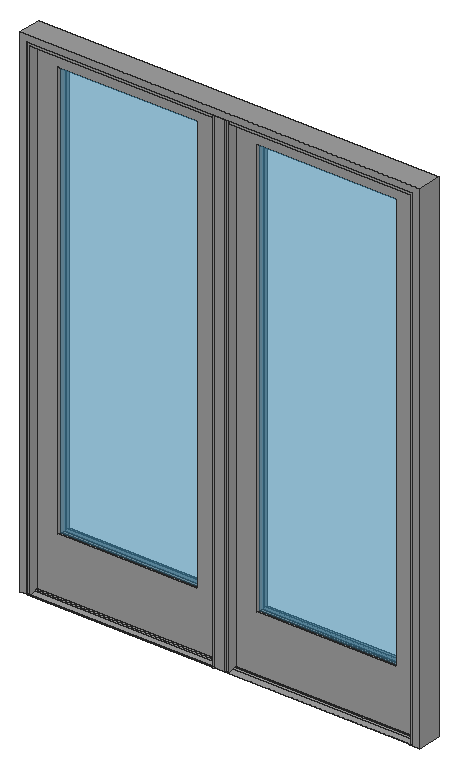
Revit family "AD-375 DOOR-Double-1.56-2 CJB-CW_v04", category Curtain Panels, Revit 2015
Parameters
  Width [instance] = 6' - 2"
  URL = "obe.com"
  Rough Width [instance] = 6' - 2"
  Panel Width [instance] = Min Panel Width  # 6' - 2"
  Panel Offset [instance] = 0' - 0"
  Offset [instance] = 0' - 0"
  Model = "AD-375 DOOR"
  Min Rough Width [instance] = if(Rough Width > 6' 4 1/2", Rough Width, 6' 4 1/2")  # 6' - 4 1/2"
  Min Panel Width [instance] = if(Rough Width > 6' 4 1/2", Rough Width - 0' 2 1/2", 6' 2")  # 6' - 2"
  Manufacturer = "Oldcastle BuildingEnvelope®"
  Keynote = "08 11 00"
  Hinge [instance] = yes
  Height [instance] = 8' - 0"
  Glass Material = Glass
  Frame Material = Aluminum
  Door Panel Height [instance] = Height - 0' 0 85/128"  # 7' - 11 43/128"
  Description = "AD-375 - 1 9/16\" Door Infill"
  Assembly Code = "B2030"
  Analytic Construction = "<None>"
  6 Bottom Rail [instance] = no
  10 Bottom Rail [instance] = not([6 Bottom Rail])  # yes
Reference planes (in)
  plane 1 "Front": y = 0
  plane 2: z = 0
  plane 3 "Center (Left/Right)": x = 0
  plane 4 "Left": x = -37
  plane 5 "Right": x = 37
  plane 6 "Top": z = 96
  plane 7 "Offset": y = 0
  plane 8: x = -38.25
  plane 9: x = 38.25
Forms (in)
  Sweep 1, solid, material "Aluminum" <- "Frame Material"
    path origin (0, 0, 0) x (-1, 0, 0) y (0, 0, 1)
      loop
        line (-38.25, 96) -> (-38.25, 0)
    profile origin (38.25, 0, 48) x (0, 1, 0) y (-1, 0, 0)
      loop
        line (0, 0) -> (0, 1.25) -> (-2.7624, 1.25) -> (-2.7624, 1.812) -> (-4.3574, 1.812) -> (-4.3574, 1.25) -> (-4.50055, 1.25) -> (-4.50055, 0) -> (0, 0)
  Sweep 2, solid, material "Aluminum" <- "Frame Material"
    path origin (0, 0, 0) x (-1, 0, 0) y (0, 0, 1)
      loop
        line (38.25, 96) -> (38.25, 0)
    profile origin (-38.25, 0, 48) x (0, 1, 0) y (-1, 0, 0)
      loop
        line (0, 0) -> (-4.50055, 0) -> (-4.50055, -1.25) -> (-4.3574, -1.25) -> (-4.3574, -1.812) -> (-2.7624, -1.812) -> (-2.7624, -1.25) -> (0, -1.25) -> (0, 0)
  Sweep 3, solid, material "Aluminum" <- "Frame Material"
    path origin (0, 0, 0) x (-1, 0, 0) y (0, 0, 1)
      loop
        line (38.25, 96) -> (-38.25, 96)
    profile origin (0, 0, 96) x (0, 0, -1) y (0, 1, 0)
      loop
        line (1.25, 0) -> (0, 0) -> (0, -4.50055) -> (1.25, -4.50055) -> (1.25, -4.3574) -> (1.812, -4.3574) -> (1.812, -2.7624) -> (1.25, -2.7624) -> (1.25, 0)
Cuts and joins
  joined: Sweep 1, Sweep 2, Sweep 3
Text (in)
  text "Exterior" at (-54.29358, 31.38743, 0), in view "Ref. Level"
  text "Exterior" at (480, 41.53993, 89.60405), in view "Right"
  text "Exterior" at (-240, 57.82419, 105.78864), in view "Left"
Dimensions and locks (in)
  equal spacing: plane 4 "Left", plane 3 "Center (Left/Right)", plane 5 "Right"
  "Width": plane 4 "Left" to plane 5 "Right"
  "Height": plane 6 "Top" to plane 2
  "Offset": plane 7 "Offset" to plane 1 "Front"
  locked: plane 7 "Offset" to nested 2 at 1.4437
  locked: plane 9 to nested 2 at 1.25
  locked: plane 7 "Offset" to nested 3 at 1.4437
  locked: nested 3 to plane 8 at 1.25
  locked: nested 4 to plane 6 "Top" at 1.25
  locked: plane 7 "Offset" to nested 4 at 1.4437
  equal spacing: plane 8, plane 3 "Center (Left/Right)", plane 9
  "Min Rough Width": plane 8 to plane 9
  aligned and locked: level to plane 2
  aligned and locked: plane 3 "Center (Left/Right)" to nested 1
  aligned and locked: nested 1 to plane 7 "Offset"
  aligned and locked: plane 2 to Sweep 1 sketch curve
  aligned and locked: plane 6 "Top" to Sweep 1 sketch curve
  aligned and locked: plane 2 to Sweep 2 sketch curve
  aligned and locked: plane 6 "Top" to Sweep 2 sketch curve
  aligned and locked: plane 6 "Top" to Sweep 3 sketch curve
  aligned and locked: plane 8 to Sweep 2 sketch curve
  aligned and locked: Sweep 1 sketch curve to plane 9
  aligned and locked: plane 9 to Sweep 3 sketch curve
  aligned and locked: plane 8 to Sweep 3 sketch curve
Automatic sketch dimensions
  Sweep 2 sketch curve to Sweep 2 sketch curve = 0' - 0.14315"
  Sweep 2 sketch curve to Sweep 2 sketch curve = 0' - 1.595"
  profile plane to Sweep 2 sketch curve = 0' - 1 1/4"  (x2)
  Sweep 2 sketch curve to Sweep 2 sketch curve = 0' - 2.7624"
  Sweep 2 sketch curve to Sweep 2 sketch curve = 0' - 0.562"
  Sweep 2 sketch curve to plane 7 "Offset" = 0' - 0"
  Sweep 2 sketch curve to profile plane = 0' - 0"
  Sweep 1 sketch curve to profile plane = 0' - 1.812"
  profile plane to Sweep 1 sketch curve = 0' - 0"
  Sweep 1 sketch curve to plane 7 "Offset" = 0' - 4.50055"
  Sweep 1 sketch curve to Sweep 1 sketch curve = 0' - 0.14315"
  Sweep 1 sketch curve to Sweep 1 sketch curve = 0' - 1.595"
  Sweep 1 sketch curve to profile plane = 0' - 1 1/4"  (x2)
  Sweep 1 sketch curve to Sweep 1 sketch curve = 0' - 2.7624"
  Sweep 3 sketch curve to profile plane = 0' - 1.812"
  Sweep 3 sketch curve to profile plane = 0' - 1 1/4"  (x2)
  Sweep 3 sketch curve to Sweep 3 sketch curve = 0' - 1 1/4"
  Sweep 3 sketch curve to plane 7 "Offset" = 0' - 4.50055"
  Sweep 3 sketch curve to Sweep 3 sketch curve = 0' - 0.14315"
  Sweep 3 sketch curve to Sweep 3 sketch curve = 0' - 1.595"
  Sweep 3 sketch curve to Sweep 3 sketch curve = 0' - 2.7624"
Nested families (in)
  nested 1: "AD-375 DOOR-Double-1.56-Panel_v03" at (0, -17.1457, 0), Frame Material <- "Frame Material", Glass Material <- "Glass Material", Hinge <- "Hinge", 6 Bottom Rail <- "6 Bottom Rail", Height <- "Door Panel Height", Width <- "Min Panel Width", Offset <- "Panel Offset", type "AD-375 DOOR-Double-1.56-Panel_v03"
    with Wing Width 3' - 1", built-in parameter 1001301 6' - 2", Offset 0' - 0", Hinge yes, built-in parameter 1001300 7' - 11 43/128", Glass Material Glass, Frame Material Aluminum, Bottom Rail 0' - 10 19/32", 6 Bottom Rail no, 10 Bottom Rail yes
  nested 2: "EDGE FRAME L" at (39.5, -1.4437, 0) x (-1, 0, 0) z (0, 0, 1), type "EDGE FRAME L"
  nested 3: "EDGE FRAME R" at (-39.5, -1.4437, 0) x (-1, 0, 0) z (0, 0, 1), type "EDGE FRAME R"
  nested 4: "TOP FRAME" at (0, -1.4437, 97.25) x (0, -1, 0) z (1, 0, 0), type "TOP FRAME"
Definition of nested family "AD-375 DOOR-Double-1.56-Panel_v03"
  Parameters (values of type "AD-375 DOOR-Double-1.56-Panel_v03")
    Wing Width [instance] = Width / 2  # 3' - 0"
    Width [instance] = 6' - 0"
    Offset [instance] = 0' - 10.702"
    Hinge [instance] = yes
    Height [instance] = 8' - 0"
    Glass Material [instance] = none
    Frame Material [instance] = none
    Bottom Rail [instance] = if([10 Bottom Rail], 0' 10 19/32", 0' 6 19/32")  # 0' - 6 19/32"
    6 Bottom Rail [instance] = yes
    10 Bottom Rail [instance] = not([6 Bottom Rail])  # no
  Reference planes (in)
    plane 1 "00": y = 5
    plane 2: z = 0
    plane 3 "Center (Left/Right)": x = 0
    plane 4: z = 96
    plane 5: x = -36
    plane 6: x = 36
    plane 7 "Center (Front/Back)": y = 17.1457
    plane 8 "Exterior": y = 5.7815
    plane 9: z = 48
    plane 10: z = 6.59375
    plane 11: z = 92.46875
    plane 12: z = 0
    plane 13: x = -31.84147
    plane 14: x = 31.82129
    plane 15 "Offset": y = 6.4437
  Forms (in)
    Sweep 1, solid, material <- "Frame Material"
      path origin (0, 5, 0) x (1, 0, 0) y (0, 0, 1)
        loop
          line (-33.19523, 96) -> (-1, 96)
      profile origin (-17.09761, 5, 96) x (0, 0, 1) y (0, -1, 0)
        loop
          line (-0.71875, -1.2884) -> (-0.71875, 1.3187) -> (-3.96875, 1.3187) -> (-3.96875, 0.78148) -> (-3.53125, 0.78148) -> (-3.53125, -0.7815) -> (-3.96875, -0.7815) -> (-3.96875, -1.2884) -> (-0.71875, -1.2884)
    Sweep 2, solid, material <- "Frame Material"
      path origin (0, 5, 0) x (1, 0, 0) y (0, 0, 1)
        loop
          line (-1.562, 0) -> (-35.70353, 0)
      profile origin (-18.63276, 5, 0) x (0, 0, -1) y (0, -1, 0)
        loop
          line (-2.62093, -1.2884) -> (-0.375, -1.2884) -> (-0.375, 1.3187) -> (-2.62093, 1.3187) -> (-7.125, 1.3187) -> (-7.125, 0.7815) -> (-6.59375, 0.7815) -> (-6.59375, -0.7815) -> (-7.125, -0.7815) -> (-7.125, -1.2884) -> (-2.62093, -1.2884)
    Sweep 3, solid, material <- "Frame Material"
      path origin (0, 5, 0) x (1, 0, 0) y (0, 0, 1)
        loop
          line (36, 95.28125) -> (36, 0.375)
      profile origin (36, 5, 47.82812) x (0, -1, 0) y (1, 0, 0)
        loop
          line (-1.2884, -0.43321) -> (-1.2884, -4.61621) -> (-0.7815, -4.61621) -> (-0.7815, -4.17871) -> (0.78148, -4.17871) -> (0.78148, -4.61621) -> (1.3187, -4.61621) -> (1.3187, -0.32321) -> (-1.35373, -0.32321) -> (-1.35373, -0.43321) -> (-1.2884, -0.43321)
    Sweep 4, solid, material <- "Frame Material"
      path origin (0, 5, 0) x (1, 0, 0) y (0, 0, 1)
        loop
          line (-36, 95.28125) -> (-36, 0.375)
      profile origin (-36, 5, 47.82812) x (0, -1, 0) y (1, 0, 0)
        loop
          line (-1.2884, 4.59603) -> (-1.2884, 0.40647) -> (-1.35373, 0.40647) -> (-1.35373, 0.29647) -> (1.3187, 0.29647) -> (1.3187, 4.59603) -> (0.78148, 4.59603) -> (0.78148, 4.15853) -> (-0.7815, 4.15853) -> (-0.7815, 4.59603) -> (-1.2884, 4.59603)
    Sweep 5, solid, material <- "Frame Material"
      path origin (0, 5, 0) x (1, 0, 0) y (0, 0, 1)
        loop
          line (0, 95.28125) -> (0, 0.375)
      profile origin (0, 5, 47.82812) x (0, -1, 0) y (1, 0, 0)
        loop
          line (-1.2884, -5.59715) -> (-0.78152, -5.59715) -> (-0.78152, -5.15641) -> (0.78148, -5.15641) -> (0.78148, -5.59715) -> (1.31797, -5.59715) -> (1.31797, -1) -> (-1.2884, -1) -> (-1.2884, -5.59715)
        loop
          line (1.3187, 5.59391) -> (0.7815, 5.59391) -> (0.7815, 5.15641) -> (-0.7815, 5.15641) -> (-0.7815, 5.59391) -> (-1.2884, 5.59391) -> (-1.2884, 1) -> (1.3187, 1) -> (1.3187, 5.59391)
    Sweep 6, solid, material <- "Frame Material"
      path origin (0, 5, 0) x (1, 0, 0) y (0, 0, 1)
        loop
          line (1, 96) -> (33.19523, 96)
      profile origin (17.09761, 5, 96) x (0, 0, 1) y (0, -1, 0)
        loop
          line (-0.71875, -1.2884) -> (-0.71875, 1.3187) -> (-2.30843, 1.3187) -> (-3.96875, 1.3187) -> (-3.96875, 0.78148) -> (-3.53125, 0.78148) -> (-3.53125, -0.7815) -> (-3.96875, -0.7815) -> (-3.96875, -1.2884) -> (-2.30843, -1.2884) -> (-0.71875, -1.2884)
    Sweep 7, solid, material <- "Frame Material"
      path origin (0, 5, 0) x (1, 0, 0) y (0, 0, 1)
        loop
          line (35.67679, 0) -> (1.562, 0)
      profile origin (18.6194, 5, 0) x (0, 0, -1) y (0, -1, 0)
        loop
          line (-3.49593, -1.2884) -> (-0.375, -1.2884) -> (-0.375, 1.3187) -> (-7.125, 1.3187) -> (-7.125, 0.7815) -> (-6.59375, 0.7815) -> (-6.59375, -0.7815) -> (-7.125, -0.7815) -> (-7.125, -1.2884) -> (-3.49593, -1.2884)
    Extrusion 8, solid, material <- "Glass Material", detail levels medium+fine
      sketch origin (0, 0, 0) x (1, 0, 0) y (0, 1, 0)
        loop
          line (5.15641, 5.78152) -> (5.15641, 5.5) -> (31.82129, 5.5) -> (31.82129, 5.78152) -> (5.15641, 5.78152)
        loop
          line (31.82129, 4.2185) -> (31.82129, 4.5) -> (5.15641, 4.5) -> (5.15641, 4.2185) -> (31.82129, 4.2185)
        loop
          line (5.15641, 5.12458) -> (5.15641, 4.87556) -> (31.82129, 4.87556) -> (31.82129, 5.12458) -> (5.15641, 5.12458)
      from 6.59375 to 92.46875
    Extrusion 9, solid, material <- "Glass Material", detail levels coarse
      sketch origin (0, 0, 0) x (1, 0, 0) y (0, 1, 0)
        loop
          line (5.15641, 5.78152) -> (5.15641, 4.2185) -> (31.82129, 4.2185) -> (31.82129, 5.78152) -> (5.15641, 5.78152)
      from 6.59375 to 92.46875
    Extrusion 10, solid, material <- "Glass Material", detail levels coarse
      sketch origin (0, 0, 0) x (1, 0, 0) y (0, 1, 0)
        loop
          line (-31.84147, 5.7815) -> (-31.84147, 4.21852) -> (-5.15641, 4.21852) -> (-5.15641, 5.7815) -> (-31.84147, 5.7815)
      from 6.59375 to 92.46875
    Extrusion 11, solid, material <- "Glass Material", detail levels medium+fine
      sketch origin (0, 0, 0) x (1, 0, 0) y (0, 1, 0)
        loop
          line (-31.84147, 5.7815) -> (-31.84147, 5.5315) -> (-5.15641, 5.5315) -> (-5.15641, 5.7815) -> (-31.84147, 5.7815)
        loop
          line (-31.84147, 4.46652) -> (-31.84147, 4.21852) -> (-5.15641, 4.21852) -> (-5.15641, 4.46652) -> (-31.84147, 4.46652)
        loop
          line (-31.84147, 5.12394) -> (-31.84147, 4.87594) -> (-5.15641, 4.87594) -> (-5.15641, 5.12394) -> (-31.84147, 5.12394)
      from 6.59375 to 92.46875
    Sweep 12, solid, material <- "Frame Material"
      path origin (0, 5, 0) x (1, 0, 0) y (0, 0, 1)
        loop
          line (0, 95.28125) -> (0, 0)
      profile origin (0, 5, 47.64062) x (0, -1, 0) y (1, 0, 0)
        loop
          line (-1.4437, -1) -> (1.3187, -1) -> (1.3187, -1.562) -> (2.9137, -1.562) -> (2.9137, -1) -> (3.0573, -1) -> (3.0573, 1) -> (2.9137, 1) -> (2.9137, 1.562) -> (1.3187, 1.562) -> (1.3187, 1) -> (-1.4437, 1) -> (-1.4437, -1)
    Sweep 13, solid, material <- "Frame Material"
      path origin (0, 6.4437, 0) x (-1, 0, 0) y (0, 0, 1)
        loop
          line (-35.67679, 0) -> (-1, 0)
      profile origin (18.3384, 6.4437, 0) x (0, 0, 1) y (0, 1, 0)
        loop
          line (0.256, -0.74946) -> (0.1262, -0.10573)
          arc (0.1262, -0.10573) -> (0.07849, -0.03403) -> (0, 0.00142) r 0.156
          line (0, 0.00142) -> (0, -4.49957) -> (0.06628, -4.49957)
          arc (0.06628, -4.49957) -> (0.08866, -4.49117) -> (0.09997, -4.47012) r 0.034
          line (0.09997, -4.47012) -> (0.256, -3.31357) -> (0.506, -3.17757) -> (0.506, -2.76242) -> (0.256, -2.76242) -> (0.256, -0.74946)
    Sweep 14, solid, material <- "Frame Material"
      path origin (0, 6.4437, 0) x (-1, 0, 0) y (0, 0, 1)
        loop
          line (1, 0) -> (35.70353, 0)
      profile origin (-18.35176, 6.4437, 0) x (0, 0, 1) y (0, 1, 0)
        loop
          line (0.256, -0.74946) -> (0.1262, -0.10573)
          arc (0.1262, -0.10573) -> (0.07849, -0.03403) -> (0, 0.00142) r 0.156
          line (0, 0.00142) -> (0, -4.49957) -> (0.06628, -4.49957)
          arc (0.06628, -4.49957) -> (0.08866, -4.49117) -> (0.09997, -4.47012) r 0.034
          line (0.09997, -4.47012) -> (0.256, -3.31357) -> (0.506, -3.17757) -> (0.506, -2.76242) -> (0.256, -2.76242) -> (0.256, -0.74946)
  Cuts and joins
    joined: Sweep 1, Sweep 2, Sweep 3, Sweep 4, Sweep 5, Sweep 6, Sweep 7
  Lines and regions (in)
    model lines
      curve 1: line (5.15641, 5.7815, 92.46875) -> (31.38379, 5.7815, 48.02216)
      curve 2: line (31.38379, 5.7815, 48.02216) -> (5.15641, 5.7815, 6.59375)
      curve 3: line (-5.15965, 5.7815, 92.46875) -> (-31.40397, 5.7815, 48)
      curve 4: line (-31.40397, 5.7815, 48) -> (-5.15965, 5.7815, 6.59375)
  Dimensions and locks (in)
    "Height": plane 4 to level
    equal spacing: plane 5, plane 3 "Center (Left/Right)", plane 6
    plane 1 "00" to plane 8 "Exterior" to plane 15 "Offset" = 0' - 0.7815" locked, 0' - 0.6622" locked
    equal spacing: level, plane 9, plane 4
    locked: plane 3 "Center (Left/Right)" to Sweep 2 sketch curve at 1.562
    locked: Sweep 3 sketch curve to plane 4 at 0.71875
    locked: Sweep 4 sketch curve to plane 4 at 0.71875
    plane 3 "Center (Left/Right)" to Sweep 1 sketch curve = 0' - 1"
    locked: Sweep 6 sketch curve to plane 3 "Center (Left/Right)" at 1
    locked: Sweep 5 sketch curve to plane 4 at 0.71875
    locked: Sweep 7 sketch curve to plane 10 at 0.53125  (x2)
    locked: Sweep 2 sketch curve to plane 10 at 0.53125  (x2)
    equal spacing: plane 4, plane 9, plane 12
    locked: plane 4 to plane 11 at 3.53125
    "Bottom Rail": plane 10 to plane 12
    "Width": plane 5 to plane 6
    locked: plane 6 to Sweep 7 sketch curve at 0.32321
    locked: Sweep 2 sketch curve to plane 5 at 0.29647
    locked: Sweep 7 sketch curve to plane 3 "Center (Left/Right)" at 1.562
    locked: plane 14 to plane 6 at 4.17871
    locked: plane 5 to plane 13 at 4.15853
    locked: plane 4 to Sweep 12 sketch curve at 0.71875
    "Offset": plane 7 "Center (Front/Back)" to plane 15 "Offset"
    locked: plane 1 "00" to nested 1 at 0.29688
    locked: plane 6 to Sweep 13 sketch curve at 0.32321
    locked: Sweep 13 sketch curve to plane 3 "Center (Left/Right)" at 1
    locked: Sweep 14 sketch curve to plane 5 at 0.29647
    locked: plane 3 "Center (Left/Right)" to Sweep 14 sketch curve at 1
    locked: plane 12 to Sweep 3 sketch curve at 0.375
    locked: plane 12 to Sweep 5 sketch curve at 0.375
    locked: plane 12 to Sweep 4 sketch curve at 0.375
    aligned and locked: plane 2 to level
    aligned and locked: plane 3 "Center (Left/Right)" to nested 1
    aligned and locked: Sweep 1 sketch curve to plane 4
    aligned and locked: Sweep 2 sketch curve to level
    aligned and locked: level to nested 2
    aligned and locked: nested 2 to plane 1 "00"
    aligned and locked: plane 3 "Center (Left/Right)" to Sweep 5 sketch curve
    aligned and locked: Sweep 7 sketch curve to level
    aligned and locked: plane 4 to Sweep 6 sketch curve
    aligned and locked: Sweep 6 sketch curve to plane 11
    aligned and locked: plane 10 to Sweep 2 sketch curve
    aligned and locked: Sweep 1 sketch curve to plane 11
    aligned and locked: plane 9 to curve 4
    aligned and locked: Extrusion 8 to plane 10
    aligned and locked: Extrusion 9 to plane 10
    aligned and locked: Sweep 4 sketch curve to plane 5
    aligned and locked: Sweep 3 sketch curve to plane 6
    aligned and locked: plane 14 to Extrusion 9
    aligned and locked: plane 14 to Extrusion 8  (x2)
    aligned and locked: Sweep 12 sketch curve to plane 3 "Center (Left/Right)"
    aligned and locked: plane 12 to Sweep 12 sketch curve
    aligned and locked: Extrusion 10 to plane 10
    aligned and locked: Extrusion 11 to plane 10
    aligned and locked: Extrusion 11 sketch curve to plane 13  (x3)
    aligned and locked: Extrusion 10 sketch curve to plane 13
    aligned and locked: plane 11 to Extrusion 10
    aligned and locked: plane 11 to Extrusion 11
    aligned and locked: plane 11 to Extrusion 8
    aligned and locked: plane 11 to Extrusion 9
    aligned and locked: Sweep 13 sketch curve to plane 12
    aligned and locked: Sweep 14 sketch curve to plane 12
  Automatic sketch dimensions
    Sweep 5 sketch curve to plane 1 "00" = 0' - 1.2884"
    Sweep 5 sketch curve to profile plane = 0' - 1"
    Sweep 5 sketch curve to plane 1 "00" = 0' - 0.7815"
    Sweep 5 sketch curve to plane 1 "00" = 0' - 0.78152"
    plane 1 "00" to Sweep 5 sketch curve = 0' - 0.7815"
    plane 1 "00" to Sweep 5 sketch curve = 0' - 0.78148"
    plane 1 "00" to Sweep 5 sketch curve = 0' - 1.3187"
    Sweep 5 sketch curve to Sweep 5 sketch curve = 0' - 0.00073"
    profile plane to Sweep 5 sketch curve = 0' - 1"
    Sweep 5 sketch curve to Sweep 5 sketch curve = 0' - 0.44074"  (x2)
    Sweep 5 sketch curve to Sweep 5 sketch curve = 0' - 4.15641"  (x2)
    Sweep 5 sketch curve to Sweep 5 sketch curve = 0' - 0 7/16"  (x2)
    plane 5 to Sweep 1 sketch curve = 0' - 2.80477"
    Sweep 6 sketch curve to plane 6 = 0' - 2.80477"
    Extrusion 9 sketch curve to plane 6 = 0' - 4.17871"
    plane 1 "00" to Sweep 12 sketch curve = 0' - 1.3187"  (x2)
    Sweep 12 sketch curve to Sweep 12 sketch curve = 0' - 1.595"  (x2)
    Sweep 12 sketch curve to Sweep 12 sketch curve = 0' - 0.1436"
    profile plane to Sweep 12 sketch curve = 0' - 1.562"
    Sweep 12 sketch curve to Sweep 12 sketch curve = 0' - 0.562"  (x3)
    Sweep 12 sketch curve to profile plane = 0' - 1"  (x2)
    Sweep 12 sketch curve to plane 1 "00" = 0' - 1.4437"
    Sweep 5 sketch curve to Sweep 5 sketch curve = 0' - 0"
    plane 3 "Center (Left/Right)" to Extrusion 9 sketch curve = 0' - 5.15641"
    curve 3 to plane 11 = 0' - 0"
    curve 4 to plane 10 = 0' - 0"
    curve 2 to plane 10 = 0' - 0"
    curve 1 to plane 11 = 0' - 0"
    plane 13 to curve 4 = 0' - 0 7/16"
    plane 9 to curve 2 = 0' - 0.02216"
    curve 2 to plane 14 = 0' - 0 7/16"
    curve 3 to plane 3 "Center (Left/Right)" = 0' - 5.15965"
    curve 4 to plane 3 "Center (Left/Right)" = 0' - 5.15965"
    plane 3 "Center (Left/Right)" to curve 2 = 0' - 5.15641"
    plane 3 "Center (Left/Right)" to curve 1 = 0' - 5.15641"
    plane 8 "Exterior" to Extrusion 10 sketch curve = 0' - 0"
    Extrusion 10 sketch curve to plane 3 "Center (Left/Right)" = 0' - 5.15641"
    plane 1 "00" to Extrusion 10 sketch curve = 0' - 0.78148"
    plane 8 "Exterior" to Extrusion 11 sketch curve = 0' - 0"
    plane 1 "00" to Extrusion 11 sketch curve = 0' - 0.78148"
    Extrusion 11 sketch curve to plane 3 "Center (Left/Right)" = 0' - 5.15641"
    Extrusion 11 sketch curve to Extrusion 11 sketch curve = 0' - 0"  (x2)
    plane 1 "00" to Extrusion 11 sketch curve = 0' - 0.12406"
    Extrusion 11 sketch curve to Extrusion 11 sketch curve = 0' - 0.248"
    Extrusion 11 sketch curve to plane 1 "00" = 0' - 0.12394"
    Extrusion 11 sketch curve to Extrusion 11 sketch curve = 0' - 0 1/4"
    Extrusion 8 sketch curve to plane 14 = 0' - 0"  (x3)
    plane 1 "00" to Extrusion 8 sketch curve = 0' - 0.12444"
    plane 3 "Center (Left/Right)" to Extrusion 8 sketch curve = 0' - 5.15641"
    Extrusion 8 sketch curve to Extrusion 8 sketch curve = 0' - 0"  (x2)
    Extrusion 8 sketch curve to Extrusion 8 sketch curve = 0' - 0.37556"
    Extrusion 8 sketch curve to Extrusion 8 sketch curve = 0' - 0.2815"
    Extrusion 8 sketch curve to plane 1 "00" = 0' - 0.12458"
    plane 8 "Exterior" to Extrusion 8 sketch curve = 0' - 0.2815"
    Extrusion 8 sketch curve to plane 8 "Exterior" = 0' - 0"
    plane 1 "00" to Extrusion 9 sketch curve = 0' - 0.7815"
    Extrusion 9 sketch curve to plane 8 "Exterior" = 0' - 0"
    Sweep 7 sketch curve to Sweep 7 sketch curve = 0' - 0 17/32"
    Sweep 7 sketch curve to plane 1 "00" = 0' - 1.2884"
    Sweep 7 sketch curve to Sweep 7 sketch curve = 0' - 3.09782"
    Sweep 7 sketch curve to Sweep 7 sketch curve = 0' - 0.5069"
    plane 1 "00" to Sweep 7 sketch curve = 0' - 0.7815"
    plane 1 "00" to Sweep 7 sketch curve = 0' - 1.3187"
    Sweep 2 sketch curve to plane 1 "00" = 0' - 1.2884"
    profile plane to Sweep 2 sketch curve = 0' - 2.62093"
    Sweep 2 sketch curve to Sweep 2 sketch curve = 0' - 0"
    profile plane to Sweep 2 sketch curve = 0' - 0 3/8"
    Sweep 2 sketch curve to Sweep 2 sketch curve = 0' - 0.5069"
    plane 1 "00" to Sweep 2 sketch curve = 0' - 0.7815"
    Sweep 2 sketch curve to Sweep 2 sketch curve = 0' - 0.5372"
    Sweep 1 sketch curve to Sweep 1 sketch curve = 0' - 0 7/16"  (x2)
    profile plane to Sweep 1 sketch curve = 0' - 0 23/32"
    Sweep 1 sketch curve to plane 1 "00" = 0' - 1.2884"
    Sweep 1 sketch curve to Sweep 1 sketch curve = 0' - 0.5069"
    plane 1 "00" to Sweep 1 sketch curve = 0' - 0.78148"
    plane 1 "00" to Sweep 1 sketch curve = 0' - 1.3187"
    Sweep 6 sketch curve to Sweep 6 sketch curve = 0' - 0 7/16"  (x2)
    Sweep 6 sketch curve to Sweep 6 sketch curve = 0' - 1.22282"  (x2)
    profile plane to Sweep 6 sketch curve = 0' - 0 23/32"
    Sweep 6 sketch curve to plane 1 "00" = 0' - 1.2884"
    Sweep 6 sketch curve to Sweep 6 sketch curve = 0' - 0.5069"
    plane 1 "00" to Sweep 6 sketch curve = 0' - 0.78148"
    plane 1 "00" to Sweep 6 sketch curve = 0' - 1.3187"
    Sweep 4 sketch curve to profile plane = 0' - 0.40647"
    Sweep 4 sketch curve to plane 1 "00" = 0' - 1.35373"
    Sweep 4 sketch curve to Sweep 4 sketch curve = 0' - 0.06533"
    Sweep 4 sketch curve to Sweep 4 sketch curve = 0' - 0.5069"
    plane 1 "00" to Sweep 4 sketch curve = 0' - 0.78148"
    Sweep 4 sketch curve to Sweep 4 sketch curve = 0' - 0.53722"
    Sweep 4 sketch curve to profile plane = 0' - 0.29647"
    Sweep 4 sketch curve to Sweep 4 sketch curve = 0' - 3.75206"
    Sweep 4 sketch curve to Sweep 4 sketch curve = 0' - 0 7/16"  (x2)
    profile plane to Sweep 3 sketch curve = 0' - 0.43321"
    Sweep 3 sketch curve to plane 1 "00" = 0' - 1.35373"
    Sweep 3 sketch curve to Sweep 3 sketch curve = 0' - 0.06533"
    Sweep 3 sketch curve to Sweep 3 sketch curve = 0' - 0.5069"
    plane 1 "00" to Sweep 3 sketch curve = 0' - 0.78148"
    profile plane to Sweep 3 sketch curve = 0' - 0.32321"
    plane 1 "00" to Sweep 3 sketch curve = 0' - 1.3187"
    Sweep 3 sketch curve to Sweep 3 sketch curve = 0' - 3.8555"
    Sweep 3 sketch curve to Sweep 3 sketch curve = 0' - 0 7/16"  (x2)
    profile plane to Sweep 7 sketch curve = 0' - 0 3/8"
    Sweep 13 sketch curve to profile plane = 0' - 0.256"  (x2)
    Sweep 13 sketch curve to plane 15 "Offset" = 0' - 0.74946"
    Sweep 13 sketch curve to profile plane = 0' - 0.1262"
    Sweep 13 sketch curve to Sweep 13 sketch curve = 0' - 2.01296"
    Sweep 13 sketch curve to plane 15 "Offset" = 0' - 0.10573"
    profile plane to Sweep 13 sketch curve = 0' - 0.02248"
    Sweep 13 sketch curve to plane 15 "Offset" = 0' - 0.15295"
    plane 15 "Offset" to Sweep 13 sketch curve = 0' - 0.00142"
    Sweep 13 sketch curve to Sweep 13 sketch curve = 0' - 1.73715"
    Sweep 13 sketch curve to Sweep 13 sketch curve = 0' - 0 1/4"
    Sweep 13 sketch curve to Sweep 13 sketch curve = 0' - 0.41515"
    Sweep 13 sketch curve to Sweep 13 sketch curve = 0' - 0.136"
    Sweep 13 sketch curve to profile plane = 0' - 0.09997"
    Sweep 13 sketch curve to Sweep 13 sketch curve = 0' - 0.02945"
    Sweep 13 sketch curve to Sweep 13 sketch curve = 0' - 0.00455"
    Sweep 14 sketch curve to profile plane = 0' - 0.256"  (x2)
    Sweep 14 sketch curve to plane 15 "Offset" = 0' - 0.74946"
    Sweep 14 sketch curve to profile plane = 0' - 0.1262"
    Sweep 14 sketch curve to Sweep 14 sketch curve = 0' - 2.01296"
    Sweep 14 sketch curve to plane 15 "Offset" = 0' - 0.10573"
    profile plane to Sweep 14 sketch curve = 0' - 0.02248"
    plane 15 "Offset" to Sweep 14 sketch curve = 0' - 0.00142"
    Sweep 14 sketch curve to Sweep 14 sketch curve = 0' - 1.73715"
    Sweep 14 sketch curve to Sweep 14 sketch curve = 0' - 0 1/4"
    Sweep 14 sketch curve to Sweep 14 sketch curve = 0' - 0.41515"
    Sweep 14 sketch curve to Sweep 14 sketch curve = 0' - 0.136"
    Sweep 14 sketch curve to profile plane = 0' - 0.09997"
    Sweep 14 sketch curve to Sweep 14 sketch curve = 0' - 0.02945"
    Sweep 14 sketch curve to Sweep 14 sketch curve = 0' - 0.00455"
    profile plane to Sweep 14 sketch curve = 0' - 0"
  Nested families (in)
    nested 1: "AD-375 DOOR-Double-1.56-Plan View" at (0, 5.29687, 0), Wing Width <- "Wing Width", Hinge <- "Hinge", type "AD-375 DOOR-Double-1.56-Plan View"
      with Wing Width 3' - 0", Width 6' - 0", Hinge yes
    nested 2: "AD-375 DOOR-Double-1.56-Section" at (0, 5, 0) x (0, -1, 0) z (1, 0, 0), Height <- "Height", 6 Bottom Rail <- "6 Bottom Rail", type "AD-375 DOOR-Double-1.56-Section"
      with Height 8' - 0", Bottom Rail 0' - 6 19/32", 6 Bottom Rail yes, 10 Bottom Rail no
  Definition of nested family "AD-375 DOOR-Double-1.56-Plan View"
    Parameters (values of type "AD-375 DOOR-Double-1.56-Plan View")
      Wing Width [instance] = 3' - 0"
      Width [instance] = Wing Width * 2  # 6' - 0"
      Hinge [instance] = yes
    Reference planes (in)
      plane 1 "Center (Front/Back)": y = 0
      plane 2: z = 0
      plane 3 "Center (Left/Right)": x = 0
      plane 4: x = -36
      plane 5: x = 36
      plane 6: x = -34.04528
      plane 7: x = 34.04528
      plane 8: y = 30.84359
      plane 9: y = 36
    Lines and regions (in)
      detail lines, in view "Ref. Level"
        curve 1: line (-34.8268, 30.84359, 0) -> (-34.8268, 5.51228, 0)
        curve 10: line (-33.2638, 30.84359, 0) -> (-33.2638, 5.51228, 0)
        curve 19: line (33.2638, 30.84359, 0) -> (33.2638, 5.51268, 0)
        curve 28: line (34.8268, 30.84359, 0) -> (34.8268, 5.51268, 0)
        curve 43: arc (-1.094, 1.3187, 0) -> (-11.54276, 24.94015, 0) -> (-35.36398, 34.92511, 0) r 34.9309
        curve 44: arc (1.094, 1.3187, 0) -> (11.54276, 24.94015, 0) -> (35.36398, 34.92511, 0) r 34.9309
      detail lines, in view "Ref. Level", detail levels fine
        curve 2: line (-34.7648, 30.84359, 0) -> (-34.7648, 5.51228, 0)
        curve 3: line (-34.7028, 30.84359, 0) -> (-34.7028, 5.51228, 0)
        curve 4: line (-34.6408, 30.84359, 0) -> (-34.6408, 5.51228, 0)
        curve 7: line (-33.4498, 30.84359, 0) -> (-33.4498, 5.51228, 0)
        curve 8: line (-33.3878, 30.84359, 0) -> (-33.3878, 5.51228, 0)
        curve 9: line (-33.3258, 30.84359, 0) -> (-33.3258, 5.51228, 0)
        curve 20: line (33.3258, 30.84359, 0) -> (33.3258, 5.51268, 0)
        curve 21: line (33.3878, 30.84359, 0) -> (33.3878, 5.51268, 0)
        curve 22: line (33.4498, 30.84359, 0) -> (33.4498, 5.51268, 0)
        curve 25: line (34.6408, 30.84359, 0) -> (34.6408, 5.51268, 0)
        curve 26: line (34.7028, 30.84359, 0) -> (34.7028, 5.51268, 0)
        curve 27: line (34.7648, 30.84359, 0) -> (34.7648, 5.51268, 0)
        curve 34: line (-34.1073, 30.84359, 0) -> (-34.1073, 5.51228, 0)
        curve 35: line (-34.0453, 30.84359, 0) -> (-34.0453, 5.51228, 0)
        curve 36: line (-33.9833, 30.84359, 0) -> (-33.9833, 5.51228, 0)
        curve 39: line (33.9833, 30.84359, 0) -> (33.9833, 5.51268, 0)
        curve 40: line (34.0453, 30.84359, 0) -> (34.0453, 5.51268, 0)
        curve 41: line (34.1073, 30.84359, 0) -> (34.1073, 5.51268, 0)
      detail lines, in view "Ref. Level", detail levels medium+fine
        curve 5: line (-34.5788, 30.84359, 0) -> (-34.5788, 5.51228, 0)
        curve 6: line (-33.5118, 30.84359, 0) -> (-33.5118, 5.51228, 0)
        curve 23: line (33.5118, 30.84359, 0) -> (33.5118, 5.51268, 0)
        curve 24: line (34.5788, 30.84359, 0) -> (34.5788, 5.51268, 0)
        curve 33: line (-34.1693, 30.84359, 0) -> (-34.1693, 5.51228, 0)
        curve 37: line (-33.9213, 30.84359, 0) -> (-33.9213, 5.51228, 0)
        curve 38: line (33.9213, 30.84359, 0) -> (33.9213, 5.51268, 0)
        curve 42: line (34.1693, 30.84359, 0) -> (34.1693, 5.51268, 0)
      detail lines, in view "Ref. Level", not visible
        curve 11: line (-31.84147, 0.78152, 0) -> (-5.15641, 0.78152, 0)
        curve 12: line (-31.84147, -0.53348, 0) -> (-5.15641, -0.53348, 0)
        curve 13: line (-31.84147, -0.78148, 0) -> (-5.15641, -0.78148, 0)
        curve 14: line (-31.84147, 0.53352, 0) -> (-5.15641, 0.53352, 0)
        curve 15: line (5.15646, 0.7815, 0) -> (31.59197, 0.7815, 0)
        curve 16: line (31.59197, 0.5335, 0) -> (5.15646, 0.5335, 0)
        curve 17: line (5.15646, -0.5335, 0) -> (31.59197, -0.5335, 0)
        curve 18: line (31.59197, -0.7815, 0) -> (5.15646, -0.7815, 0)
        curve 29: line (-31.84147, 0.12402, 0) -> (-5.15641, 0.12402, 0)
        curve 30: line (-31.84147, -0.12398, 0) -> (-5.15641, -0.12398, 0)
        curve 31: line (5.15646, 0.124, 0) -> (31.59197, 0.124, 0)
        curve 32: line (31.59197, -0.124, 0) -> (5.15646, -0.124, 0)
    Dimensions and locks (in)
      equal spacing: plane 4, plane 3 "Center (Left/Right)", plane 5
      nested 3 to nested 1 to plane 1 "Center (Front/Back)" = 0' - 0.09545" locked, 0' - 1.04735" locked
      nested 6 to nested 2 to plane 1 "Center (Front/Back)" = 0' - 0.09545" locked, 0' - 1.04776" locked
      "Width": plane 4 to plane 5
      plane 7 to plane 5 to nested 1 to nested 4 = 0' - 1.95472" locked, 0' - 1.69941" locked, 0' - 0.77736" locked
      nested 5 to nested 2 to plane 4 to plane 6 = 0' - 0.79754" locked, 0' - 1.69941" locked, 0' - 1.95472" locked
      locked: plane 8 to plane 9 at 5.15641
      "Wing Width": plane 1 "Center (Front/Back)" to plane 9
      aligned and locked: nested 4 to plane 1 "Center (Front/Back)"
      aligned and locked: plane 1 "Center (Front/Back)" to nested 5
      aligned and locked: nested 6 to plane 6
      aligned and locked: nested 3 to plane 7
      aligned and locked: nested 7 to plane 3 "Center (Left/Right)"
      aligned and locked: plane 1 "Center (Front/Back)" to nested 7
      aligned and locked: plane 1 "Center (Front/Back)" to nested 9
      aligned and locked: plane 1 "Center (Front/Back)" to nested 8
      aligned and locked: nested 9 to plane 3 "Center (Left/Right)"
      aligned and locked: nested 8 to plane 3 "Center (Left/Right)"
      aligned and locked: nested 10 to plane 6
      aligned and locked: plane 7 to nested 11
      aligned and locked: plane 9 to nested 10
      aligned and locked: nested 11 to plane 9
    Automatic sketch dimensions
      plane 1 "Center (Front/Back)" to curve 43 = 0' - 0"
      curve 43 to plane 4 = 0' - 0"
      plane 8 to curve 1 = 0' - 0"
      plane 8 to curve 2 = 0' - 0"
      plane 8 to curve 3 = 0' - 0"
      plane 8 to curve 4 = 0' - 0"
      plane 8 to curve 5 = 0' - 0"
      plane 8 to curve 33 = 0' - 0"
      plane 8 to curve 34 = 0' - 0"
      plane 8 to curve 35 = 0' - 0"
      plane 8 to curve 36 = 0' - 0"
      plane 8 to curve 37 = 0' - 0"
      plane 8 to curve 6 = 0' - 0"
      plane 8 to curve 7 = 0' - 0"
      plane 8 to curve 8 = 0' - 0"
      plane 8 to curve 9 = 0' - 0"
      plane 8 to curve 10 = 0' - 0"
      plane 8 to curve 19 = 0' - 0"
      plane 8 to curve 20 = 0' - 0"
      plane 8 to curve 21 = 0' - 0"
      plane 8 to curve 22 = 0' - 0"
      plane 8 to curve 23 = 0' - 0"
      plane 8 to curve 38 = 0' - 0"
      plane 8 to curve 39 = 0' - 0"
      plane 8 to curve 40 = 0' - 0"
      plane 8 to curve 41 = 0' - 0"
      plane 8 to curve 42 = 0' - 0"
      plane 8 to curve 24 = 0' - 0"
      plane 8 to curve 25 = 0' - 0"
      plane 8 to curve 26 = 0' - 0"
      plane 8 to curve 27 = 0' - 0"
      plane 8 to curve 28 = 0' - 0"
      plane 1 "Center (Front/Back)" to curve 44 = 0' - 0"
      curve 44 to plane 5 = 0' - 0"
      plane 4 to curve 43 = 0' - 0.63602"
      plane 6 to curve 1 = 0' - 0.78152"
      curve 1 to curve 2 = 0' - 0.062"
      curve 2 to curve 3 = 0' - 0.062"
      curve 3 to curve 4 = 0' - 0.062"
      curve 4 to curve 5 = 0' - 0.062"
      plane 6 to curve 33 = 0' - 0.12402"
      curve 33 to curve 34 = 0' - 0.062"
      plane 6 to curve 35 = 0' - 0"
      curve 36 to plane 6 = 0' - 0.06198"
      curve 36 to curve 37 = 0' - 0.062"
      curve 37 to curve 6 = 0' - 0.4095"
      curve 6 to curve 7 = 0' - 0.062"
      curve 7 to curve 8 = 0' - 0.062"
      curve 8 to curve 9 = 0' - 0.062"
      curve 9 to curve 10 = 0' - 0.062"
      curve 29 to plane 1 "Center (Front/Back)" = 0' - 0.12402"
      curve 29 to plane 6 = 0' - 2.20381"
      curve 12 to curve 29 = 0' - 0"
      curve 11 to curve 29 = 0' - 0"
      curve 13 to curve 12 = 0' - 0"  (x2)
      plane 1 "Center (Front/Back)" to curve 30 = 0' - 0.12398"
      curve 30 to curve 29 = 0' - 0"
      curve 14 to curve 11 = 0' - 0"  (x2)
      plane 1 "Center (Front/Back)" to curve 12 = 0' - 0.53348"
      curve 12 to plane 3 "Center (Left/Right)" = 0' - 5.15641"
      curve 11 to curve 12 = 0' - 0"
      curve 30 to curve 12 = 0' - 0"
      curve 29 to curve 30 = 0' - 0"
      curve 43 to plane 3 "Center (Left/Right)" = 0' - 1.094"
      plane 3 "Center (Left/Right)" to curve 44 = 0' - 1.094"
      plane 1 "Center (Front/Back)" to curve 17 = 0' - 0.5335"
      curve 44 to curve 17 = 0' - 4.06246"
      curve 16 to plane 1 "Center (Front/Back)" = 0' - 0.5335"
      curve 16 to curve 17 = 0' - 0"
      curve 31 to plane 1 "Center (Front/Back)" = 0' - 0.124"
      curve 31 to curve 16 = 0' - 0"
      curve 18 to curve 17 = 0' - 0"  (x2)
      curve 32 to curve 31 = 0' - 0"  (x2)
      curve 15 to curve 16 = 0' - 0"
      curve 15 to plane 1 "Center (Front/Back)" = 0' - 0.7815"
      plane 7 to curve 15 = 0' - 2.45331"
      curve 17 to curve 15 = 0' - 0"
      curve 31 to curve 15 = 0' - 0"
      curve 16 to curve 15 = 0' - 0"
      plane 7 to curve 19 = 0' - 0.78148"
      curve 19 to curve 20 = 0' - 0.062"
      curve 20 to curve 21 = 0' - 0.062"
      curve 21 to curve 22 = 0' - 0.062"
      curve 22 to curve 23 = 0' - 0.062"
      plane 7 to curve 38 = 0' - 0.12398"
      plane 7 to curve 39 = 0' - 0.06198"
      curve 40 to plane 7 = 0' - 0"
      curve 40 to curve 41 = 0' - 0.062"
      curve 41 to curve 42 = 0' - 0.062"
      curve 42 to curve 24 = 0' - 0.4095"
      curve 24 to curve 25 = 0' - 0.062"
      curve 25 to curve 26 = 0' - 0.062"
      curve 26 to curve 27 = 0' - 0.062"
      curve 27 to curve 28 = 0' - 0.062"
      curve 44 to plane 5 = 0' - 0.63602"
      plane 1 "Center (Front/Back)" to curve 32 = 0' - 0.124"
      curve 13 to curve 12 = 0' - 0.248"
      curve 18 to curve 17 = 0' - 0.248"
      curve 29 to curve 14 = 0' - 0.4095"
      curve 14 to curve 11 = 0' - 0.248"
      curve 44 to plane 1 "Center (Front/Back)" = 0' - 1.3187"
      curve 43 to plane 1 "Center (Front/Back)" = 0' - 1.3187"
      curve 11 to curve 7 = 0' - 4.73076"
      curve 7 to curve 9 = 0' - 0"
      curve 1 to curve 7 = 0' - 0"
      curve 9 to curve 10 = 0' - 0"
      curve 1 to curve 2 = 0' - 0"
      curve 6 to curve 7 = 0' - 0"
      curve 7 to curve 8 = 0' - 0"
      curve 2 to curve 5 = 0' - 0"
      curve 36 to curve 6 = 0' - 0"
      curve 2 to curve 3 = 0' - 0"
      curve 35 to curve 36 = 0' - 0"
      curve 3 to curve 4 = 0' - 0"
      curve 34 to curve 35 = 0' - 0"
      curve 33 to curve 34 = 0' - 0"
      curve 36 to curve 37 = 0' - 0"
      curve 15 to curve 22 = 0' - 4.73118"
      curve 22 to curve 23 = 0' - 0"
      curve 23 to curve 42 = 0' - 0"
      curve 20 to curve 22 = 0' - 0"
      curve 42 to curve 24 = 0' - 0"
      curve 19 to curve 20 = 0' - 0"
      curve 24 to curve 25 = 0' - 0"
      curve 41 to curve 42 = 0' - 0"
      curve 25 to curve 26 = 0' - 0"
      curve 40 to curve 41 = 0' - 0"
      curve 26 to curve 27 = 0' - 0"
      curve 39 to curve 40 = 0' - 0"
      curve 27 to curve 28 = 0' - 0"
      curve 38 to curve 39 = 0' - 0"
      curve 20 to curve 21 = 0' - 0"
    Nested families (in)
      nested 1: "HINGE-DI" at (37.69941, -1.04735, 0), visible <- "Hinge", type "HINGE-DI", in view "Ref. Level"
      nested 2: "HINGE-DI" at (-37.69941, -1.04776, 0) x (-1, 0, 0) z (0, 0, 1), visible <- "Hinge", type "HINGE-DI", in view "Ref. Level"
      nested 3: "HINGE-HD-DI" at (34.04528, -1.1428, 0) x (0, 1, 0) z (0, 0, 1), type "HINGE-HD-DI", in view "Ref. Level"
      nested 4: "HINGE-HD-DI" at (38.47677, 0, 0) x (-1, 0, 0) z (0, 0, 1), type "HINGE-HD-DI", in view "Ref. Level", not visible
      nested 5: "HINGE-HD-DI" at (-38.49695, 0, 0), type "HINGE-HD-DI", in view "Ref. Level", not visible
      nested 6: "HINGE-HD-DI" at (-34.04528, -1.14321, 0) x (0, 1, 0) z (0, 0, 1), type "HINGE-HD-DI", in view "Ref. Level"
      nested 7: "2 COMMON JAMB CENTER" at (0, 0, 0), type "2 COMMON JAMB CENTER", in view "Ref. Level"
      nested 8: "2 COMMON JAMB R" at (0, 0, 0), type "2 COMMON JAMB R", in view "Ref. Level", not visible
      nested 9: "2 COMMON JAMB L" at (0, 0, 0), type "2 COMMON JAMB L", in view "Ref. Level", not visible
      nested 10: "2 COMMON JAMB R" at (-34.04528, 36, 0) x (0, 1, 0) z (0, 0, 1), type "2 COMMON JAMB R", in view "Ref. Level"
      nested 11: "2 COMMON JAMB L" at (34.04528, 36, 0) x (0, -1, 0) z (0, 0, 1), type "2 COMMON JAMB L", in view "Ref. Level"
    Definition of nested family "HINGE-DI"
      Reference planes (in)
        plane 1 "Center (Front/Back)": y = 0
        plane 2: z = 0
        plane 3 "Center (Left/Right)": x = 0
    Definition of nested family "HINGE-HD-DI"
      Reference planes (in)
        plane 1 "Center (Front/Back)": y = 0
        plane 2: z = 0
        plane 3 "Center (Left/Right)": x = 0
      Lines and regions (in)
        detail lines, in view "Ref. Level"
          curve 1: line (2.79998, 0.4063, 0) -> (2.79998, -1.35373, 0)
          curve 2: line (2.79998, -1.35373, 0) -> (2.90998, -1.35373, 0)
          curve 3: line (2.90998, -1.35373, 0) -> (2.90998, -1.31872, 0)
          curve 4: line (2.90998, -1.31872, 0) -> (7.09299, -1.31872, 0)
          curve 5: line (7.09299, -1.31872, 0) -> (7.09299, -0.78152, 0)
          curve 6: line (7.09299, -0.78152, 0) -> (6.65549, -0.78152, 0)
          curve 7: line (6.65549, -0.78152, 0) -> (6.65549, 0.78148, 0)
          curve 8: line (6.65549, 0.78148, 0) -> (7.09299, 0.78148, 0)
          curve 9: line (7.09299, 0.78148, 0) -> (7.09299, 1.3187, 0)
          curve 10: line (7.09299, 1.3187, 0) -> (2.91554, 1.3187, 0)
          curve 11: arc (2.91554, 1.3187, 0) -> (2.8511, 1.29314, 0) -> (2.82171, 1.23036, 0) r 0.094
          curve 12: line (2.82171, 1.23036, 0) -> (2.8195, 1.19368, 0)
          curve 13: line (2.8195, 1.19368, 0) -> (2.8195, 0.4063, 0)
    Definition of nested family "2 COMMON JAMB CENTER"
      Reference planes (in)
        plane 1 "Center (Front/Back)": y = 0
        plane 2: z = 0
        plane 3 "Center (Left/Right)": x = 0
      Lines and regions (in)
        detail lines, in view "Ref. Level"
          curve 1: line (1.562, 2.9137, 0) -> (1, 2.9137, 0)
          curve 2: line (1, 2.9137, 0) -> (1, 3.0573, 0)
          curve 3: line (1, 3.0573, 0) -> (-1, 3.0573, 0)
          curve 4: line (-1, 3.0573, 0) -> (-1, 2.9137, 0)
          curve 5: line (-1, 2.9137, 0) -> (-1.562, 2.9137, 0)
          curve 6: line (-1.562, 2.9137, 0) -> (-1.562, 1.3187, 0)
          curve 7: line (-1.562, 1.3187, 0) -> (-1, 1.3187, 0)
          curve 8: line (-1, 1.3187, 0) -> (-1, -1.4437, 0)
          curve 9: line (-1, -1.4437, 0) -> (1, -1.4437, 0)
          curve 10: line (1, -1.4437, 0) -> (1, 1.3187, 0)
          curve 11: line (1, 1.3187, 0) -> (1.562, 1.3187, 0)
          curve 12: line (1.562, 1.3187, 0) -> (1.562, 2.9137, 0)
    Definition of nested family "2 COMMON JAMB R"
      Reference planes (in)
        plane 1 "Center (Front/Back)": y = 0
        plane 2: z = 0
        plane 3 "Center (Left/Right)": x = 0
      Lines and regions (in)
        detail lines, in view "Ref. Level"
          curve 1: line (-1.41646, 1.3187, 0) -> (-5.594, 1.3187, 0)
          curve 2: line (-5.594, 1.3187, 0) -> (-5.594, 0.7815, 0)
          curve 3: line (-5.594, 0.7815, 0) -> (-5.15646, 0.7815, 0)
          curve 4: line (-5.15646, 0.7815, 0) -> (-5.15646, -0.7815, 0)
          curve 5: line (-5.15646, -0.7815, 0) -> (-5.594, -0.7815, 0)
          curve 6: line (-5.594, -0.7815, 0) -> (-5.594, -1.3187, 0)
          curve 7: line (-5.594, -1.3187, 0) -> (-1.09395, -1.3187, 0)
          curve 8: line (-1.09395, -1.3187, 0) -> (-1.19081, 0.28882, 0)
          curve 9: arc (-1.19081, 0.28882, 0) -> (-1.23167, 0.37395, 0) -> (-1.32042, 0.40621, 0) r 0.125
          curve 10: line (-1.32042, 0.40621, 0) -> (-1.32042, 1.19368, 0)
          curve 11: line (-1.32042, 1.19368, 0) -> (-1.32263, 1.23036, 0)
          curve 12: arc (-1.32263, 1.23036, 0) -> (-1.35202, 1.29314, 0) -> (-1.41646, 1.3187, 0) r 0.094
    Definition of nested family "2 COMMON JAMB L"
      Reference planes (in)
        plane 1 "Center (Front/Back)": y = 0
        plane 2: z = 0
        plane 3 "Center (Left/Right)": x = 0
      Lines and regions (in)
        detail lines, in view "Ref. Level"
          curve 1: line (5.594, -1.3187, 0) -> (1.09395, -1.3187, 0)
          curve 2: line (1.09395, -1.3187, 0) -> (1.19081, 0.28882, 0)
          curve 3: arc (1.19081, 0.28882, 0) -> (1.23167, 0.37395, 0) -> (1.32042, 0.40621, 0) r 0.125
          curve 4: line (1.32042, 0.40621, 0) -> (1.32042, 1.19368, 0)
          curve 5: line (1.32042, 1.19368, 0) -> (1.32263, 1.23036, 0)
          curve 6: arc (1.32263, 1.23036, 0) -> (1.35202, 1.29314, 0) -> (1.41646, 1.3187, 0) r 0.094
          curve 7: line (1.41646, 1.3187, 0) -> (5.594, 1.3187, 0)
          curve 8: line (5.594, 1.3187, 0) -> (5.594, 0.7815, 0)
          curve 9: line (5.594, 0.7815, 0) -> (5.15646, 0.7815, 0)
          curve 10: line (5.15646, 0.7815, 0) -> (5.15646, -0.7815, 0)
          curve 11: line (5.15646, -0.7815, 0) -> (5.594, -0.7815, 0)
          curve 12: line (5.594, -0.7815, 0) -> (5.594, -1.3187, 0)
  Definition of nested family "AD-375 DOOR-Double-1.56-Section"
    Parameters (values of type "AD-375 DOOR-Double-1.56-Section")
      Height [instance] = 8' - 0"
      Bottom Rail [instance] = if([10 Bottom Rail], 0' 10 19/32", 0' 6 19/32")  # 0' - 10 19/32"
      6 Bottom Rail [instance] = no
      10 Bottom Rail [instance] = not([6 Bottom Rail])  # yes
    Reference planes (in)
      plane 1 "Center (Front/Back)": y = 0
      plane 2: z = 0
      plane 3 "Center (Left/Right)": x = 0
      plane 4: y = 92.46875
      plane 5: y = 96
      plane 6: y = 10.59375
    Lines and regions (in)
      detail lines, in view "Ref. Level"
        curve 1: line (-0.78152, 92.46875, 0) -> (-0.78152, 10.59375, 0)
        curve 10: line (0.78148, 92.46875, 0) -> (0.78148, 10.59375, 0)
      detail lines, in view "Ref. Level", detail levels fine
        curve 2: line (-0.71952, 92.46875, 0) -> (-0.71952, 10.59375, 0)
        curve 3: line (-0.65752, 92.46875, 0) -> (-0.65752, 10.59375, 0)
        curve 4: line (-0.59552, 92.46875, 0) -> (-0.59552, 10.59375, 0)
        curve 7: line (0.59548, 92.46875, 0) -> (0.59548, 10.59375, 0)
        curve 8: line (0.65748, 92.46875, 0) -> (0.65748, 10.59375, 0)
        curve 9: line (0.71948, 92.46875, 0) -> (0.71948, 10.59375, 0)
        curve 12: line (-0.06202, 92.46879, 0) -> (-0.06202, 10.59379, 0)
        curve 13: line (-0.00002, 92.46879, 0) -> (-0.00002, 10.59379, 0)
        curve 14: line (0.06198, 92.46879, 0) -> (0.06198, 10.59379, 0)
      detail lines, in view "Ref. Level", detail levels medium+fine
        curve 5: line (-0.53352, 92.46875, 0) -> (-0.53352, 10.59375, 0)
        curve 6: line (0.53348, 92.46875, 0) -> (0.53348, 10.59375, 0)
        curve 11: line (-0.12402, 92.46879, 0) -> (-0.12402, 10.59379, 0)
        curve 15: line (0.12398, 92.46879, 0) -> (0.12398, 10.59379, 0)
    Dimensions and locks (in)
      nested 1 to plane 5 to plane 4 = 0' - 1 29/32" locked, 0' - 3 17/32" locked
      "Height": plane 1 "Center (Front/Back)" to plane 5
      "Bottom Rail": plane 1 "Center (Front/Back)" to plane 6
      aligned and locked: plane 4 to curve 1
      aligned and locked: plane 4 to curve 2
      aligned and locked: plane 4 to curve 3
      aligned and locked: plane 4 to curve 4
      aligned and locked: plane 4 to curve 5
      aligned and locked: plane 4 to curve 6
      aligned and locked: plane 4 to curve 7
      aligned and locked: plane 4 to curve 8
      aligned and locked: plane 4 to curve 9
      aligned and locked: plane 4 to curve 10
      aligned and locked: plane 3 "Center (Left/Right)" to nested 1
      aligned and locked: plane 6 to curve 10
      aligned and locked: plane 3 "Center (Left/Right)" to nested 2
      aligned and locked: nested 3 to plane 1 "Center (Front/Back)"
      aligned and locked: plane 3 "Center (Left/Right)" to nested 3
      aligned and locked: plane 1 "Center (Front/Back)" to nested 2
    Automatic sketch dimensions
      plane 6 to curve 1 = 0' - 0"
      plane 6 to curve 2 = 0' - 0"
      plane 6 to curve 3 = 0' - 0"
      plane 6 to curve 4 = 0' - 0"
      plane 6 to curve 5 = 0' - 0"
      plane 6 to curve 6 = 0' - 0"
      plane 6 to curve 7 = 0' - 0"
      plane 6 to curve 8 = 0' - 0"
      plane 6 to curve 9 = 0' - 0"
      curve 1 to plane 3 "Center (Left/Right)" = 0' - 0.78152"
      curve 1 to curve 2 = 0' - 0.062"
      curve 2 to curve 3 = 0' - 0.062"
      curve 3 to curve 4 = 0' - 0.062"
      curve 4 to curve 5 = 0' - 0.062"
      plane 4 to curve 11 = 0' - 0.00004"
      curve 11 to plane 3 "Center (Left/Right)" = 0' - 0.12402"
      curve 12 to plane 6 = 0' - 0.00004"
      curve 11 to curve 12 = 0' - 0.062"
      curve 13 to plane 3 "Center (Left/Right)" = 0' - 0"
      curve 14 to plane 6 = 0' - 0.00004"
      plane 3 "Center (Left/Right)" to curve 14 = 0' - 0.06198"
      plane 4 to curve 15 = 0' - 0.00004"
      curve 14 to curve 15 = 0' - 0.062"
      curve 15 to curve 6 = 0' - 0.4095"
      curve 6 to curve 7 = 0' - 0.062"
      curve 7 to curve 8 = 0' - 0.062"
      curve 8 to curve 9 = 0' - 0.062"
      curve 9 to curve 10 = 0' - 0.062"
      curve 13 to plane 6 = 0' - 0.00004"
      curve 11 to plane 6 = 0' - 0.00004"
      curve 15 to plane 6 = 0' - 0.00004"
      plane 4 to curve 14 = 0' - 0.00004"
      plane 4 to curve 12 = 0' - 0.00004"
      plane 4 to curve 13 = 0' - 0.00004"
    Nested families (in)
      nested 1: "TOP RAIL HINGE" at (0, 97.90625, 0), type "TOP RAIL-DI", in view "Ref. Level"
      nested 2: "6 BOTTOM RAIL" at (0, 7.12504, 0), visible <- "6 Bottom Rail", type "8 BOTTOM RAIL", in view "Ref. Level"
      nested 3: "10 BOTTOM RAIL" at (0, 11.12508, 0), visible <- "10 Bottom Rail", type "10 BOTTOM RAIL", in view "Ref. Level"
    Definition of nested family "TOP RAIL HINGE"
      Reference planes (in)
        plane 1 "Center (Front/Back)": y = 0
        plane 2: z = 0
        plane 3 "Center (Left/Right)": x = 0
      Lines and regions (in)
        detail lines, in view "Ref. Level"
          curve 1: line (1.3187, -2.625, 0) -> (-1.3187, -2.625, 0)
          curve 2: line (-1.3187, -2.625, 0) -> (-1.3187, -5.875, 0)
          curve 3: line (-1.3187, -5.875, 0) -> (-0.78152, -5.875, 0)
          curve 4: line (-0.78152, -5.875, 0) -> (-0.78152, -5.4375, 0)
          curve 5: line (-0.78152, -5.4375, 0) -> (0.78148, -5.4375, 0)
          curve 6: line (0.78148, -5.4375, 0) -> (0.78148, -5.875, 0)
          curve 7: line (0.78148, -5.875, 0) -> (1.3187, -5.875, 0)
          curve 8: line (1.3187, -5.875, 0) -> (1.3187, -2.625, 0)
    Definition of nested family "6 BOTTOM RAIL"
      Types (2): name
        6 BOTTOM RAIL
        8 BOTTOM RAIL
      Reference planes (in)
        plane 1 "Center (Front/Back)": y = 0
        plane 2: z = 0
        plane 3 "Center (Left/Right)": x = 0
      Lines and regions (in)
        detail lines, in view "Ref. Level"
          curve 1: line (1.31872, -6.75004, 0) -> (1.31872, 0, 0)
          curve 2: line (1.31872, 0, 0) -> (0.7815, 0, 0)
          curve 3: line (0.7815, 0, 0) -> (0.7815, -0.53204, 0)
          curve 4: line (0.7815, -0.53204, 0) -> (-0.7815, -0.53204, 0)
          curve 5: line (-0.7815, -0.53204, 0) -> (-0.7815, 0, 0)
          curve 6: line (-0.7815, 0, 0) -> (-1.28838, 0, 0)
          curve 7: line (-1.28838, 0, 0) -> (-1.28838, -6.75004, 0)
          curve 8: line (-1.28838, -6.75004, 0) -> (1.31872, -6.75004, 0)
          curve 9: line (3.05587, -7.12504, 0) -> (-1.44512, -7.12504, 0)
          curve 10: arc (-1.44512, -7.12504, 0) -> (-1.40967, -7.04655, 0) -> (-1.33797, -6.99884, 0) r 0.156
          curve 11: line (-1.33797, -6.99884, 0) -> (-0.69424, -6.86904, 0)
          curve 12: line (-0.69424, -6.86904, 0) -> (1.31872, -6.86904, 0)
          curve 13: line (1.31872, -6.86904, 0) -> (1.31872, -6.61904, 0)
          curve 14: line (1.31872, -6.61904, 0) -> (1.73387, -6.61904, 0)
          curve 15: line (1.73387, -6.61904, 0) -> (1.86987, -6.86904, 0)
          curve 16: line (1.86987, -6.86904, 0) -> (3.02642, -7.02507, 0)
          curve 17: arc (3.02642, -7.02507, 0) -> (3.04747, -7.03638, 0) -> (3.05587, -7.05876, 0) r 0.034
          curve 18: line (3.05587, -7.05876, 0) -> (3.05587, -7.12504, 0)
    Definition of nested family "10 BOTTOM RAIL"
      Reference planes (in)
        plane 1 "Center (Front/Back)": y = 0
        plane 2: z = 0
        plane 3 "Center (Left/Right)": x = 0
      Lines and regions (in)
        detail lines, in view "Ref. Level"
          curve 1: line (1.3187, -10.75008, 0) -> (1.3187, 0, 0)
          curve 2: line (1.3187, 0, 0) -> (0.78148, 0, 0)
          curve 3: line (0.78148, 0, 0) -> (0.78148, -0.53204, 0)
          curve 4: line (0.78148, -0.53204, 0) -> (-0.78152, -0.53204, 0)
          curve 5: line (-0.78152, -0.53204, 0) -> (-0.78152, 0, 0)
          curve 6: line (-0.78152, 0, 0) -> (-1.2884, 0, 0)
          curve 7: line (-1.2884, 0, 0) -> (-1.2884, -10.75008, 0)
          curve 8: line (-1.2884, -10.75008, 0) -> (1.3187, -10.75008, 0)
          curve 9: line (3.05585, -11.12508, 0) -> (-1.44514, -11.12508, 0)
          curve 10: arc (-1.44514, -11.12508, 0) -> (-1.40969, -11.0466, 0) -> (-1.33799, -10.99888, 0) r 0.156
          curve 11: line (-1.33799, -10.99888, 0) -> (-0.69426, -10.86908, 0)
          curve 12: line (-0.69426, -10.86908, 0) -> (1.3187, -10.86908, 0)
          curve 13: line (1.3187, -10.86908, 0) -> (1.3187, -10.61908, 0)
          curve 14: line (1.3187, -10.61908, 0) -> (1.73385, -10.61908, 0)
          curve 15: line (1.73385, -10.61908, 0) -> (1.86985, -10.86908, 0)
          curve 16: line (1.86985, -10.86908, 0) -> (3.0264, -11.02511, 0)
          curve 17: arc (3.0264, -11.02511, 0) -> (3.04745, -11.03643, 0) -> (3.05585, -11.0588, 0) r 0.034
          curve 18: line (3.05585, -11.0588, 0) -> (3.05585, -11.12508, 0)
Definition of nested family "EDGE FRAME L"
  Reference planes (in)
    plane 1 "Center (Front/Back)": y = 0
    plane 2: z = 0
    plane 3 "Center (Left/Right)": x = 0
  Lines and regions (in)
    detail lines, in view "Ref. Level"
      curve 1: line (2.5, 1.3187, 0) -> (2.5, -1.4437, 0)
      curve 2: line (2.5, -1.4437, 0) -> (1.25, -1.4437, 0)
      curve 3: line (1.25, -1.4437, 0) -> (1.25, 3.05685, 0)
      curve 4: line (1.25, 3.05685, 0) -> (2.5, 3.05685, 0)
      curve 5: line (2.5, 3.05685, 0) -> (2.5, 2.9137, 0)
      curve 6: line (2.5, 2.9137, 0) -> (3.062, 2.9137, 0)
      curve 7: line (3.062, 2.9137, 0) -> (3.062, 1.3187, 0)
      curve 8: line (3.062, 1.3187, 0) -> (2.5, 1.3187, 0)
Definition of nested family "EDGE FRAME R"
  Reference planes (in)
    plane 1 "Center (Front/Back)": y = 0
    plane 2: z = 0
    plane 3 "Center (Left/Right)": x = 0
  Lines and regions (in)
    detail lines, in view "Ref. Level"
      curve 1: line (-2.5, 1.3187, 0) -> (-2.5, -1.4437, 0)
      curve 2: line (-2.5, -1.4437, 0) -> (-1.25, -1.4437, 0)
      curve 3: line (-1.25, -1.4437, 0) -> (-1.25, 3.05685, 0)
      curve 4: line (-1.25, 3.05685, 0) -> (-2.5, 3.05685, 0)
      curve 5: line (-2.5, 3.05685, 0) -> (-2.5, 2.9137, 0)
      curve 6: line (-2.5, 2.9137, 0) -> (-3.062, 2.9137, 0)
      curve 7: line (-3.062, 2.9137, 0) -> (-3.062, 1.3187, 0)
      curve 8: line (-3.062, 1.3187, 0) -> (-2.5, 1.3187, 0)
Definition of nested family "TOP FRAME"
  Reference planes (in)
    plane 1 "Center (Front/Back)": y = 0
    plane 2: z = 0
    plane 3 "Center (Left/Right)": x = 0
  Lines and regions (in)
    detail lines, in view "Ref. Level"
      curve 1: line (-1.4437, -2.5, 0) -> (1.3187, -2.5, 0)
      curve 2: line (1.3187, -2.5, 0) -> (1.3187, -3.062, 0)
      curve 3: line (1.3187, -3.062, 0) -> (2.9137, -3.062, 0)
      curve 4: line (2.9137, -3.062, 0) -> (2.9137, -2.5, 0)
      curve 5: line (2.9137, -2.5, 0) -> (3.05685, -2.5, 0)
      curve 6: line (3.05685, -2.5, 0) -> (3.05685, -1.25, 0)
      curve 7: line (3.05685, -1.25, 0) -> (-1.4437, -1.25, 0)
      curve 8: line (-1.4437, -1.25, 0) -> (-1.4437, -2.5, 0)
